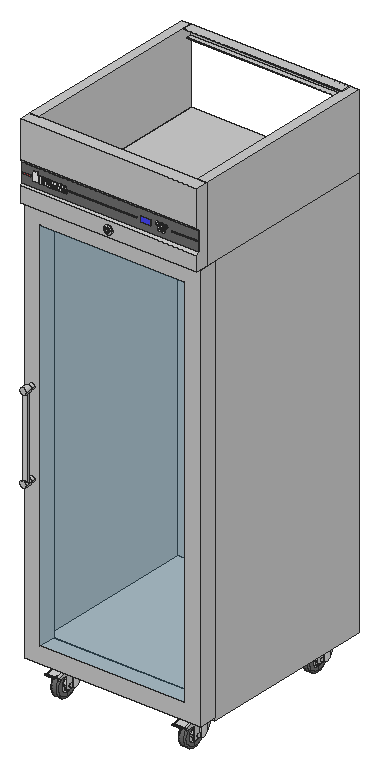
Revit family "QF_INOMAK_CAP172_GL_250530030709", category Specialty Equipment, Revit 2021
Family settings
  Round Connector Dimension = Use Diameter
  Part Type = Normal
  OmniClass Number = 23.40.40.14
  OmniClass Title = Food Service Equipment
  Work Plane-Based = No
  Always vertical = Yes
  Cut with Voids When Loaded = No
  Shared = No
  Room Calculation Point = No
Parameters (values of type "CAP172-GL")
  Weight [instance] = 141.00 kg
  Warranty Start Date [instance] = ""
  Warranty Duration [instance] = ""
  Volts [instance] = 230 V
  Volt Free Conn [instance] = no
  URL Recommended Spares List [instance] = ""
  URL Manufacturer [instance] = ""
  URL Cutsheet [instance] = ""
  URL Critical Spares List [instance] = ""
  URL = "www.inomak.com"
  Technical Documentation [instance] = ""
  Tag Number [instance] = ""
  Status [instance] = ""
  Start Up Current [instance] = 0 A
  Specification by User [instance] = ""
  Specification by Manufacturer [instance] = ""
  Sound Level [instance] = ""
  Show Logo [instance] = yes
  Show Clearances [instance] = yes
  Service Life Duration [instance] = ""
  Serial Number [instance] = ""
  Seismic Rating [instance] = ""
  SMACNA No [instance] = ""
  Revision Code [instance] = ""
  Revision [instance] = ""
  Production Year [instance] = ""
  Potential Equalisation [instance] = no
  Point Load [instance] = 0
  Phase [instance] = 1
  Other Equipment Approvals [instance] = ""
  Operational Current [instance] = 0 A
  Number of Poles [instance] = 2
  No Load Power Draw [instance] = no
  NAFEM Spec ID Number [instance] = ""
  Model Warning [instance] = ""
  Model = "CAP172/GL"
  Min Ckt Ampacity [instance] = 0 A
  Max Overcurrent Protection [instance] = 10 A
  Masterspec [instance] = ""
  Manufacturer = "INOMAK"
  Main switch integrated [instance] = no
  Length Actual [instance] = 720 mm
  Item Number [instance] = ""
  Installed By [instance] = ""
  Installation Date [instance] = ""
  Identify Quantity as Lot [instance] = no
  ID [instance] = ""
  Hygiene Approval [instance] = ""
  Height Actual [instance] = 2100 mm
  HP power [instance] = ""
  Furnished By [instance] = ""
  Foodservice Equipment Identifier [instance] = no
  FL Amps [instance] = 4.6 A
  Electrical Remarks [instance] = ""
  Electric power [instance] = 580 W
  Electric Connection Type [instance] = ""
  Elec Conn RI Height [instance] = 0 mm
  Elec Conn Connection Height [instance] = 0 mm
  ETL Approved [instance] = no
  Description = "PRUNUS CHILLER CABINET WITH 1 GN 2/1 GLASS DOOR"
  Depth Actual [instance] = 860 mm
  Default Elevation = 0 mm
  Cycle [instance] = 50 Hz
  Cost = 0
  Connection to energy optimisation system [instance] = yes
  Conn Plug [instance] = ""
  Conn Conduit [instance] = no
  Centralized building control system with digital interface [instance] = ""
  CSI MasterFormat [instance] = ""
  CE Approved [instance] = no
  Barcode [instance] = 0
  Author [instance] = ""
  Asset Identifier [instance] = ""
  Apparent Power [instance] = 580 VA
  Accessory [instance] = no
Reference planes
  plane 1 "Center (Front/Back)": y = 0
  plane 2: z = 0
  plane 3 "Center (Left/Right)": x = 0
Forms (mm)
  Extrusion 1, solid, not visible
    sketch origin (590.029, -2, 1930.094) x (1, 0, 0) y (0, 1, 0)
      loop
        line (-2, 2) -> (-2, -2) -> (2, -2) -> (2, 2) -> (-2, 2)
    from -2 to 2
Dimensions and locks
  locked: Extrusion 1 to nested 2
  locked: nested 2 to Extrusion 1 at 2
  aligned and locked: level to plane 2
Nested families
  nested 1: "QF_INOMAK_REF_CABINETS_172_2920" at (0, 0, 130), type "CAP172-GL"
    with Weight 141.00 kg, Warranty Start Date "", Warranty Duration "", URL Cutsheet "", Technical Documentation "", Tag Number "", Status "", Specification by User "", Specification by Manufacturer "", Sound Level "", Solid Fuel Type "", Show Clearances yes, Service Life Duration "", Serial Number "", Seismic Rating "", SMACNA No "", Revision Code "", Revision "", Production Year "", Point Load 0, Other Equipment Approvals "", NAFEM Spec ID Number "", Model Warning "", Masterspec "", Length Actual 720 mm, Item Number "", Installed By "", Installation Date "", Identify Quantity as Lot yes, ID "", Hygiene Approval "", Height Actual 2100 mm, Furnished By "", Foodservice Equipment Identifier yes, Finish none, ETL Approved yes, Depth Actual 860 mm, CSI MasterFormat "", CE Approved yes, Barcode "", Author "", Asset Identifier "", Accessory no
  nested 2: "CONN_POINT_ELE_2D___Generic_Annotation" at (590.029, 0, 1930.094), type "CONN_POINT_ELE_2D___Generic_Annotation"
    with Onboard connection annotation symbol visibility yes
  nested 3: "QF_INOMAK_C172-GDR-RX_4567" at (0, -824, 130), type "C172-GDR-RX"
    with Weight 0.00 kg, Warranty Start Date "", Warranty Duration "", URL Cutsheet "", Technical Documentation "", Tag Number "", Status "", Specification by User "", Specification by Manufacturer "", Sound Level "", Solid Fuel Type "", Show Logo yes, Show Clearances yes, Show Clearance yes, Service Life Duration "", Serial Number "", Seismic Rating "", SMACNA No "", Revision Code "", Revision "", Production Year "", Point Load 0, Other Equipment Approvals "", NAFEM Spec ID Number "", Model Warning "", Masterspec "", Length Actual 720 mm, Item Number "", Installed By "", Installation Date "", Identify Quantity as Lot yes, ID "", Hygiene Approval "", Height Actual 1982 mm, Furnished By "", Foodservice Equipment Identifier yes, Finish none, ETL Approved yes, Depth Actual 70 mm, CSI MasterFormat "", CE Approved yes, Barcode "", Author "", Asset Identifier "", Accessory yes
  nested 4: "QF_INOMAK_CASTORS_5465" at (0, 0, 0), type "CT-720-830"
    with Weight 0.00 kg, Warranty Start Date "", Warranty Duration "", URL Cutsheet "", Technical Documentation "", Tag Number "", Status "", Specification by User "", Specification by Manufacturer "", Sound Level "", Solid Fuel Type "", Show Logo yes, Show Clearances yes, Service Life Duration "", Serial Number "", Seismic Rating "", SMACNA No "", Revision Code "", Revision "", Production Year "", Point Load 0, Other Equipment Approvals "", NAFEM Spec ID Number "", Model Warning "", Masterspec "", Length Actual 720 mm, Item Number "", Installed By "", Installation Date "", Identify Quantity as Lot yes, ID "", Hygiene Approval "", Height Actual 130 mm, Furnished By "", Foodservice Equipment Identifier yes, ETL Approved yes, Depth Actual 830 mm, CSI MasterFormat "", CE Approved yes, Barcode "", Author "", Asset Identifier "", Accessory yes
Connectors
  electrical at (590.029, 0, 1930.094), driven by "Apparent Power", driven by "Number of Poles", driven by "Volts"
    settings: on Extrusion 1, index 1, voltage 230 V, apparent load 0 VA, apparent load phase1 580 VA, apparent load phase2 0 VA, apparent load phase3 0 VA, power factor 1, load classification "Other", number of poles 2, system type 31, power factor state 1, is connector primary yes, connector utility no, sub classification motor no, connector description "Electrical connection for CAP172/GL"
Definition of nested family "QF_INOMAK_REF_CABINETS_172_2920"
  Parameters (values of type "CAP172-GL")
    Weight [instance] = 0.00 kg
    Warranty Start Date [instance] = ""
    Warranty Duration [instance] = ""
    URL Cutsheet [instance] = ""
    URL = "www.inomak.com"
    Technical Documentation [instance] = ""
    Tag Number [instance] = ""
    Status [instance] = ""
    Specification by User [instance] = ""
    Specification by Manufacturer [instance] = ""
    Sound Level [instance] = ""
    Solid Fuel Type [instance] = ""
    Show Logo = yes
    Show Clearances [instance] = yes
    Service Life Duration [instance] = ""
    Serial Number [instance] = ""
    Seismic Rating [instance] = ""
    SMACNA No [instance] = ""
    Revision Code [instance] = ""
    Revision [instance] = ""
    Production Year [instance] = ""
    Point Load [instance] = 0
    Other Equipment Approvals [instance] = ""
    NAFEM Spec ID Number [instance] = ""
    Model Warning [instance] = ""
    Model = "CAP172/GL"
    Masterspec [instance] = ""
    Manufacturer = "INOMAK"
    Length Actual [instance] = 0 mm
    Length = 720 mm
    Item Number [instance] = ""
    Installed By [instance] = ""
    Installation Date [instance] = ""
    Identify Quantity as Lot [instance] = yes
    ID [instance] = ""
    Hygiene Approval [instance] = ""
    Height Actual [instance] = 0 mm
    Height = 1985 mm
    Furnished By [instance] = ""
    Foodservice Equipment Identifier [instance] = yes
    Finish [instance] = none
    ETL Approved [instance] = yes
    Description = "PRUNUS CHILLER CABINET WITH 1 GN 2/1 GLASS DOOR"
    Depth Actual [instance] = 0 mm
    Depth = 824 mm
    Default Elevation = 0 mm
    CSI MasterFormat [instance] = ""
    CE Approved [instance] = yes
    Barcode [instance] = ""
    Author [instance] = ""
    Asset Identifier [instance] = ""
    Assembly Code = "E1090320"
    Accessory [instance] = yes
  Types (8, lengths in mm): name | Model | Description | Depth
    CAP172 | "CAP172" | "CYPRESS CHILLER CABINET WITH 1 GN 2/1 DOOR" | 832
    CAP172-GL | "CAP172/GL" | "PRUNUS CHILLER CABINET WITH 1 GN 2/1 GLASS DOOR" | 824
    CBP172-GL | "CBP172/GL" | "PRUNUS FREEZER CABINET WITH 1 GN 2/1 GLASS DOOR" | 824
    CBP172 | "CBP172" | "CASTANEA FREEZER CABINET WITH 1 GN 2/1 DOOR" | 832
    CAP172-SL | "CAP172/SL" | "CLOVER CHILLER CABINET WITH 1 DOOR, COMPACT DIMENSIONS" | 732
    CBP172-SL | "CBP172/SL" | "CLOVER FREEZER CABINET WITH 1 DOOR, COMPACT DIMENSIONS" | 732
    CAP172-SL-GL | "CAP172/SL/GL" | "PRUNUS CHILLER CABINET WITH 1 GLASS DOOR, COMPACT DIMENSIONS" | 724
    CBP172-SL-GL | "CBP172/SL/GL" | "PRUNUS FREEZER CABINET WITH 1 GLASS DOOR, COMPACT DIMENSIONS" | 724
  Reference planes
    plane 1 "Back": y = 0
    plane 2: z = 0
    plane 3 "Left": x = 0
    plane 4 "Right": x = 720
    plane 5 "Front": y = -824
    plane 6 "Top": z = 1985
  Forms (mm)
    Extrusion 1, solid
      sketch origin (-1732.685, -824, 3995) x (-1, 0, 0) y (0, 0, 1)
        loop
          circle (-2284.815, -2199.02) r 6.965
        loop
          circle (-2301.846, -2199.02) r 6.965
        loop
          circle (-2318.855, -2199.02) r 6.965
        loop
          circle (-2293.341, -2217.021) r 6.965
        loop
          circle (-2310.35, -2217.021) r 6.965
        loop
          circle (-2284.815, -2199.02) r 3.965
        loop
          circle (-2301.846, -2199.02) r 3.965
        loop
          circle (-2318.855, -2199.02) r 3.965
        loop
          circle (-2293.341, -2217.021) r 3.965
        loop
          circle (-2310.35, -2217.021) r 3.965
      from 7.3 to 10.302
    Extrusion 2, solid
      sketch origin (-1732.685, -824, 3995) x (-1, 0, 0) y (0, 0, 1)
        loop
          line (-2257.026, -2195.289) -> (-2257.026, -2218.289) -> (-2217.026, -2218.289) -> (-2217.026, -2195.289) -> (-2257.026, -2195.289)
      from 7.3 to 10.302
    Extrusion 3, solid
      sketch origin (-1732.685, -824, 3995) x (-1, 0, 0) y (0, 0, 1)
        loop
          line (-1732.685, -2167.27) -> (-2452.685, -2167.27) -> (-2452.685, -2246.309) -> (-1732.685, -2246.309) -> (-1732.685, -2167.27)
      from 7.8 to 10.302
    Extrusion 4, solid, visible <- "Show Logo"
      sketch origin (-1732.685, -824, 3995) x (-1, 0, 0) y (0, 0, 1)
        loop
          line (-1776.745, -2194.74) -> (-1782.745, -2194.74) -> (-1782.745, -2183.633) -> (-1796.982, -2183.633) -> (-1796.982, -2194.74) -> (-1802.982, -2194.74) -> (-1802.982, -2220.99) -> (-1776.745, -2220.99) -> (-1776.745, -2194.74)
        loop
          line (-1807.298, -2195.052) -> (-1814.587, -2195.052) -> (-1814.587, -2220.99) -> (-1807.298, -2220.99) -> (-1807.298, -2195.052)
        loop
          line (-1817.107, -2220.99) -> (-1817.107, -2195.052) -> (-1823.94, -2195.052) -> (-1827.134, -2206.971) -> (-1827.134, -2195.052) -> (-1833.666, -2195.052) -> (-1833.666, -2220.99) -> (-1827.134, -2220.99) -> (-1823.42, -2207.127) -> (-1823.42, -2220.99) -> (-1817.107, -2220.99)
        loop
          line (-1854.348, -2220.99) -> (-1854.348, -2195.052) -> (-1863.311, -2195.052) -> (-1865.673, -2209.062) -> (-1868.035, -2195.052) -> (-1876.997, -2195.052) -> (-1876.997, -2220.99) -> (-1870.372, -2220.99) -> (-1870.372, -2207.127) -> (-1868.035, -2220.99) -> (-1863.311, -2220.99) -> (-1860.973, -2207.127) -> (-1860.973, -2220.99) -> (-1854.348, -2220.99)
        loop
          line (-1839.536, -2195.052) -> (-1848.861, -2195.052)
          arc (-1848.861, -2195.052) -> (-1851.458, -2196.128) -> (-1852.533, -2198.724) r 3.672
          line (-1852.533, -2198.724) -> (-1852.533, -2217.318)
          arc (-1852.533, -2217.318) -> (-1851.458, -2219.914) -> (-1848.861, -2220.99) r 3.672
          line (-1848.861, -2220.99) -> (-1839.536, -2220.99)
          arc (-1839.536, -2220.99) -> (-1836.939, -2219.914) -> (-1835.864, -2217.318) r 3.672
          line (-1835.864, -2217.318) -> (-1835.864, -2198.724)
          arc (-1835.864, -2198.724) -> (-1836.939, -2196.128) -> (-1839.536, -2195.052) r 3.672
        loop
          arc (-1843.172, -2198.208) -> (-1844.198, -2197.181) -> (-1845.225, -2198.208) r 1.027
          line (-1845.225, -2198.208) -> (-1845.225, -2216.801)
          arc (-1845.225, -2216.801) -> (-1844.198, -2217.828) -> (-1843.172, -2216.801) r 1.027
          line (-1843.172, -2216.801) -> (-1843.172, -2198.208)
        loop
          line (-1878.066, -2220.99) -> (-1882.439, -2195.052) -> (-1891.3, -2195.052) -> (-1895.673, -2220.99) -> (-1889.146, -2220.99) -> (-1888.536, -2216.027) -> (-1885.203, -2216.027) -> (-1884.593, -2220.99) -> (-1878.066, -2220.99)
        loop
          line (-1885.759, -2211.498) -> (-1886.87, -2202.452) -> (-1887.98, -2211.498) -> (-1885.759, -2211.498)
        loop
          line (-1896.638, -2220.99) -> (-1896.638, -2195.052) -> (-1903.263, -2195.052) -> (-1903.263, -2204.165) -> (-1906.049, -2195.052) -> (-1913.487, -2195.052) -> (-1909.159, -2206.329) -> (-1914.207, -2220.99) -> (-1906.623, -2220.99) -> (-1903.263, -2208.45) -> (-1903.263, -2220.99) -> (-1896.638, -2220.99)
      from 7.3 to 10.3
    Extrusion 5, solid
      sketch origin (-1732.685, -824, 3995) x (-1, 0, 0) y (0, 0, 1)
        loop
          line (-1732.685, -2204.789) -> (-1769.679, -2204.789) -> (-1769.679, -2208.789) -> (-1732.685, -2208.789) -> (-1732.685, -2204.789)
        loop
          line (-1918.161, -2204.789) -> (-2202.526, -2204.789) -> (-2202.526, -2208.789) -> (-1918.161, -2208.789) -> (-1918.161, -2204.789)
        loop
          line (-2452.685, -2204.789) -> (-2452.685, -2208.789) -> (-2344.916, -2208.789) -> (-2344.916, -2204.789) -> (-2452.685, -2204.789)
      from 7.3 to 10.302
    Extrusion 6, solid, material <- "Finish"
      sketch origin (0, 24.612, -1982) x (0, 1, 0) y (0, 0, 1)
        loop
          line (-848.612, 3967) -> (-848.612, 3818.032) -> (-840.31, 3809.73) -> (-840.31, 3730.691) -> (-848.612, 3722.389) -> (-848.612, 3662) -> (-798.612, 3662) -> (-798.612, 3967) -> (-848.612, 3967)
      from 0 to 720
    Extrusion 7, solid, material <- "Finish"
      sketch origin (0, 0, 1985) x (0, 1, 0) y (-1, 0, 0)
        loop
          line (-774, 0) -> (-774, -35) -> (0, -35) -> (0, 0) -> (-774, 0)
      from 0 to -305
    Extrusion 8, solid, material <- "Finish"
      sketch origin (0, 0, 1985) x (0, 1, 0) y (-1, 0, 0)
        loop
          line (-774, -720) -> (0, -720) -> (0, -685) -> (-774, -685) -> (-774, -720)
      from 0 to -305
    Extrusion 9, solid, material <- "Finish"
      sketch origin (0, 24.612, -1987) x (0, 1, 0) y (0, 0, 1)
        loop
          line (-798.612, 3863.915) -> (-798.612, 3667) -> (-678.934, 3667) -> (-678.934, 3744.237) -> (-798.612, 3863.915)
      from 35 to 685
    Extrusion 10, solid, material <- "Finish"
      sketch origin (0, 24.612, -123) x (0, 1, 0) y (0, 0, 1)
        loop
          line (-675.378, 1910.946) -> (-690.935, 1926.502) -> (-709.143, 1908.294) -> (-707.729, 1906.88) -> (-690.935, 1923.674) -> (-676.793, 1909.532) -> (-675.378, 1910.946)
      from 114.953 to 225
    Extrusion 11, solid, material <- "Finish"
      sketch origin (394.212, 24.612, -123) x (0, 1, 0) y (0, 0, 1)
        loop
          line (-675.378, 1910.946) -> (-690.935, 1926.502) -> (-709.143, 1908.294) -> (-707.729, 1906.88) -> (-690.935, 1923.674) -> (-676.793, 1909.532) -> (-675.378, 1910.946)
      from 114.953 to 225
    Extrusion 12, solid, material <- "Finish"
      sketch origin (0, 30.903, -1982) x (0, 1, 0) y (0, 0, 1)
        loop
          line (-30.903, 3967) -> (-70.903, 3967) -> (-70.903, 3965) -> (-32.903, 3965) -> (-32.903, 3929) -> (-55.903, 3929) -> (-55.903, 3927) -> (-30.903, 3927) -> (-30.903, 3967)
      from 35 to 685
    Extrusion 13, solid, material <- "Finish"
      sketch origin (0, 30.903, -118) x (0, 1, 0) y (0, 0, 1)
        loop
          line (-30.903, 1798) -> (-764.903, 1798) -> (-764.903, 1733) -> (-100.876, 1733) -> (-100.876, 191) -> (-764.903, 191) -> (-764.903, 118) -> (-30.903, 118) -> (-30.903, 1798)
      from 35 to 685
    Extrusion 14, solid, material <- "Finish"
      sketch origin (0, 0, 0) x (1, 0, 0) y (0, 1, 0)
        loop
          line (0, -734) -> (35, -734) -> (35, 0) -> (0, 0) -> (0, -734)
      from 0 to 1680
    Extrusion 15, solid, material <- "Finish"
      sketch origin (0, 0, 0) x (1, 0, 0) y (0, 1, 0)
        loop
          line (720, -734) -> (720, 0) -> (685, 0) -> (685, -734) -> (720, -734)
      from 0 to 1680
    Revolve 16, solid
      sketch origin (358.942, 24.612, -1987) x (0, 1, 0) y (0, 0, 1)
        loop
          line (-851.012, 3694.152) -> (-848.612, 3694.152) -> (-848.612, 3711.145) -> (-849.612, 3711.145) -> (-853.012, 3706.633) -> (-853.012, 3702.998) -> (-851.012, 3702.998) -> (-851.012, 3694.152)
        axis (-848.612, 3694.152) -> (-853.012, 3694.152)
      angle from 0 to 360
    Extrusion 17, solid
      sketch origin (-1732.685, -824, 3995) x (-1, 0, 0) y (0, 0, 1)
        loop
          line (-2090.827, -2284.348) -> (-2092.827, -2284.348) -> (-2092.827, -2291.348) -> (-2090.827, -2291.348) -> (-2090.827, -2284.348)
        loop
          circle (-2091.627, -2287.848) r 7.846
      from -4.4 to -2.4
    Extrusion 18, solid, material <- "Finish"
      sketch origin (0, 30.903, -118) x (1, 0, 0) y (0, 1, 0)
        loop
          line (187, 5.097) -> (187, -29.903) -> (175, -29.903) -> (175, -30.903) -> (545, -30.903) -> (545, -29.903) -> (533, -29.903) -> (533, 5.097) -> (187, 5.097)
      from 1156 to 1531
    Extrusion 19, solid, material <- "Finish"
      sketch origin (100, 30.903, -118) x (1, 0, 0) y (0, 1, 0)
        loop
          line (339, 0.097) -> (339, -29.903) -> (325, -29.903) -> (325, -30.903) -> (340, -30.903) -> (340, -0.903) -> (393, -0.903) -> (393, -30.903) -> (408, -30.903) -> (408, -29.903) -> (394, -29.903) -> (394, 0.097) -> (339, 0.097)
      from 1531 to 1793
  Lines and regions (mm)
    symbolic lines
      curve 1: line (0, 0, 0) -> (720, 0, 0)
      curve 2: line (0, -824, 0) -> (0, 0, 0)
      curve 3: line (720, -824, 0) -> (0, -824, 0)
      curve 4: line (720, 0, 0) -> (720, -824, 0)
      curve 5: line (187, 1, 0) -> (187, 36, 0)
      curve 6: line (187, 36, 0) -> (533, 36, 0)
      curve 7: line (533, 36, 0) -> (533, 1, 0)
      curve 8: line (35, 0, 0) -> (35, -774, 0)
      curve 9: line (35, -774, 0) -> (685, -774, 0)
      curve 10: line (685, -774, 0) -> (685, 0, 0)
      curve 11: line (35, -40, 0) -> (685, -40, 0)
      curve 12: line (35, -654.322, 0) -> (685, -654.322, 0)
      curve 13: line (187, 1, 0) -> (175, 1, 0)
      curve 14: line (175, 1, 0) -> (175, 0, 0)
      curve 15: line (533, 1, 0) -> (545, 1, 0)
      curve 16: line (545, 1, 0) -> (545, 0, 0)
      curve 17: line (425, 0, 0) -> (425, 1, 0)
      curve 18: line (425, 1, 0) -> (439, 1, 0)
      curve 19: line (439, 1, 0) -> (439, 31, 0)
      curve 20: line (439, 31, 0) -> (494, 31, 0)
      curve 21: line (494, 31, 0) -> (494, 1, 0)
      curve 22: line (494, 1, 0) -> (508, 1, 0)
      curve 23: line (508, 1, 0) -> (508, 0, 0)
  Dimensions and locks
    plane 3 "Left" to plane 4 "Right" = 720 mm
    "Depth": plane 5 "Front" to plane 1 "Back"
    "Height": plane 6 "Top" to level
    plane 6 "Top" to level = 1985 mm
    aligned and locked: level to plane 2
  Automatic sketch dimensions
    Extrusion 1 sketch curve to Extrusion 1 sketch curve = 0 mm  (x13)
    plane 4 "Right" to Extrusion 1 sketch curve = 133.83 mm
    Extrusion 1 sketch curve to Extrusion 1 sketch curve = 8.505 mm
    Extrusion 1 sketch curve to Extrusion 1 sketch curve = 17.009 mm  (x2)
    Extrusion 1 sketch curve to Extrusion 1 sketch curve = 17.03 mm
    Extrusion 1 sketch curve to plane 6 "Top" = 207.021 mm
    Extrusion 1 sketch curve to Extrusion 1 sketch curve = 18.001 mm
    plane 4 "Right" to Extrusion 2 sketch curve = 195.659 mm
    Extrusion 2 sketch curve to Extrusion 2 sketch curve = 40 mm
    Extrusion 2 sketch curve to plane 6 "Top" = 208.289 mm
    Extrusion 2 sketch curve to Extrusion 2 sketch curve = 23 mm
    plane 4 "Right" to Extrusion 3 sketch curve = 0 mm
    Extrusion 3 sketch curve to plane 3 "Left" = 0 mm
    Extrusion 3 sketch curve to plane 6 "Top" = 236.309 mm
    Extrusion 3 sketch curve to Extrusion 3 sketch curve = 79.039 mm
    plane 3 "Left" to Extrusion 4 sketch curve = 181.522 mm
    Extrusion 4 sketch curve to Extrusion 4 sketch curve = 0.72 mm
    Extrusion 4 sketch curve to Extrusion 4 sketch curve = 4.329 mm
    Extrusion 4 sketch curve to Extrusion 4 sketch curve = 7.584 mm
    Extrusion 4 sketch curve to Extrusion 4 sketch curve = 7.438 mm
    Extrusion 4 sketch curve to Extrusion 4 sketch curve = 5.895 mm
    Extrusion 4 sketch curve to Extrusion 4 sketch curve = 0 mm  (x16)
    Extrusion 4 sketch curve to Extrusion 4 sketch curve = 6.625 mm  (x2)
    Extrusion 4 sketch curve to Extrusion 4 sketch curve = 0.965 mm
    Extrusion 4 sketch curve to Extrusion 4 sketch curve = 5.338 mm
    Extrusion 4 sketch curve to Extrusion 4 sketch curve = 6.527 mm  (x2)
    Extrusion 4 sketch curve to Extrusion 4 sketch curve = 0.609 mm
    Extrusion 4 sketch curve to Extrusion 4 sketch curve = 0.556 mm
    Extrusion 4 sketch curve to Extrusion 4 sketch curve = 4.43 mm  (x2)
    Extrusion 4 sketch curve to Extrusion 4 sketch curve = 2.222 mm
    Extrusion 4 sketch curve to Extrusion 4 sketch curve = 3.334 mm
    Extrusion 4 sketch curve to Extrusion 4 sketch curve = 4.552 mm
    Extrusion 4 sketch curve to Extrusion 4 sketch curve = 1.069 mm
    Extrusion 4 sketch curve to Extrusion 4 sketch curve = 8.962 mm  (x2)
    Extrusion 4 sketch curve to Extrusion 4 sketch curve = 2.337 mm
    Extrusion 4 sketch curve to Extrusion 4 sketch curve = 4.699 mm  (x2)
    Extrusion 4 sketch curve to Extrusion 4 sketch curve = 4.724 mm  (x2)
    Extrusion 4 sketch curve to Extrusion 4 sketch curve = 1.815 mm
    Extrusion 4 sketch curve to Extrusion 4 sketch curve = 3.672 mm  (x6)
    Extrusion 4 sketch curve to Extrusion 4 sketch curve = 3.636 mm  (x3)
    Extrusion 4 sketch curve to Extrusion 4 sketch curve = 1.027 mm
    Extrusion 4 sketch curve to Extrusion 4 sketch curve = 2.197 mm
    Extrusion 4 sketch curve to Extrusion 4 sketch curve = 6.532 mm  (x2)
    Extrusion 4 sketch curve to Extrusion 4 sketch curve = 3.194 mm
    Extrusion 4 sketch curve to Extrusion 4 sketch curve = 3.714 mm
    Extrusion 4 sketch curve to Extrusion 4 sketch curve = 6.312 mm
    Extrusion 4 sketch curve to Extrusion 4 sketch curve = 2.52 mm
    Extrusion 4 sketch curve to Extrusion 4 sketch curve = 7.29 mm
    Extrusion 4 sketch curve to Extrusion 4 sketch curve = 4.315 mm
    Extrusion 4 sketch curve to Extrusion 4 sketch curve = 6 mm
    Extrusion 4 sketch curve to Extrusion 4 sketch curve = 14.237 mm
    Extrusion 4 sketch curve to Extrusion 4 sketch curve = 26.237 mm
    Extrusion 4 sketch curve to plane 6 "Top" = 210.99 mm
    Extrusion 4 sketch curve to Extrusion 4 sketch curve = 0.516 mm  (x2)
    Extrusion 4 sketch curve to Extrusion 4 sketch curve = 4.963 mm
    Extrusion 4 sketch curve to Extrusion 4 sketch curve = 4.529 mm
    Extrusion 4 sketch curve to Extrusion 4 sketch curve = 11.927 mm
    Extrusion 4 sketch curve to Extrusion 4 sketch curve = 12.539 mm
    Extrusion 4 sketch curve to Extrusion 4 sketch curve = 1.935 mm  (x2)
    Extrusion 4 sketch curve to Extrusion 4 sketch curve = 13.862 mm
    Extrusion 4 sketch curve to Extrusion 4 sketch curve = 0.157 mm
    Extrusion 4 sketch curve to Extrusion 4 sketch curve = 2.122 mm
    Extrusion 4 sketch curve to Extrusion 4 sketch curve = 4.285 mm
    Extrusion 4 sketch curve to Extrusion 4 sketch curve = 9.047 mm
    Extrusion 4 sketch curve to Extrusion 4 sketch curve = 8.403 mm
    Extrusion 4 sketch curve to Extrusion 4 sketch curve = 12.075 mm
    Extrusion 4 sketch curve to Extrusion 4 sketch curve = 26.25 mm
    Extrusion 4 sketch curve to Extrusion 4 sketch curve = 0.312 mm
    Extrusion 4 sketch curve to Extrusion 4 sketch curve = 11.107 mm
    plane 4 "Right" to Extrusion 5 sketch curve = 0 mm
    Extrusion 5 sketch curve to plane 3 "Left" = 0 mm
    plane 4 "Right" to Extrusion 5 sketch curve = 107.768 mm
    Extrusion 5 sketch curve to Extrusion 5 sketch curve = 142.39 mm
    plane 3 "Left" to Extrusion 5 sketch curve = 185.476 mm
    plane 3 "Left" to Extrusion 5 sketch curve = 36.995 mm
    Extrusion 5 sketch curve to plane 6 "Top" = 198.789 mm
    Extrusion 5 sketch curve to Extrusion 5 sketch curve = 0 mm  (x2)
    Extrusion 5 sketch curve to Extrusion 5 sketch curve = 4 mm  (x3)
    Extrusion 6 sketch curve to plane 5 "Front" = 0 mm  (x2)
    Extrusion 6 sketch curve to plane 6 "Top" = 0 mm
    plane 5 "Front" to Extrusion 6 sketch curve = 8.302 mm
    Extrusion 6 sketch curve to Extrusion 6 sketch curve = 50 mm
    Extrusion 6 sketch curve to plane 6 "Top" = 148.968 mm
    Extrusion 6 sketch curve to Extrusion 6 sketch curve = 8.302 mm  (x2)
    Extrusion 6 sketch curve to Extrusion 6 sketch curve = 79.039 mm
    Extrusion 6 sketch curve to Extrusion 6 sketch curve = 60.389 mm
    Extrusion 7 sketch curve to plane 3 "Left" = 0 mm
    plane 1 "Back" to Extrusion 7 sketch curve = 0 mm
    plane 5 "Front" to Extrusion 7 sketch curve = 50 mm
    plane 3 "Left" to Extrusion 7 sketch curve = 35 mm
    Extrusion 8 sketch curve to plane 4 "Right" = 0 mm
    plane 1 "Back" to Extrusion 8 sketch curve = 0 mm
    plane 5 "Front" to Extrusion 8 sketch curve = 50 mm
    plane 4 "Right" to Extrusion 8 sketch curve = 35 mm
    plane 5 "Front" to Extrusion 9 sketch curve = 50 mm
    Extrusion 9 sketch curve to Extrusion 9 sketch curve = 119.678 mm
    Extrusion 9 sketch curve to plane 6 "Top" = 305 mm
    Extrusion 9 sketch curve to Extrusion 9 sketch curve = 77.237 mm
    Extrusion 9 sketch curve to plane 6 "Top" = 108.085 mm
    plane 5 "Front" to Extrusion 10 sketch curve = 139.47 mm
    Extrusion 10 sketch curve to Extrusion 10 sketch curve = 1.414 mm  (x2)
    Extrusion 10 sketch curve to Extrusion 10 sketch curve = 16.794 mm
    Extrusion 10 sketch curve to Extrusion 10 sketch curve = 0 mm
    Extrusion 10 sketch curve to Extrusion 10 sketch curve = 14.142 mm
    Extrusion 10 sketch curve to plane 6 "Top" = 201.12 mm
    plane 5 "Front" to Extrusion 11 sketch curve = 139.47 mm
    Extrusion 11 sketch curve to Extrusion 11 sketch curve = 1.414 mm  (x2)
    Extrusion 11 sketch curve to Extrusion 11 sketch curve = 16.794 mm
    Extrusion 11 sketch curve to Extrusion 11 sketch curve = 0 mm
    Extrusion 11 sketch curve to Extrusion 11 sketch curve = 14.142 mm
    Extrusion 11 sketch curve to plane 6 "Top" = 201.12 mm
    Extrusion 12 sketch curve to plane 6 "Top" = 0 mm
    Extrusion 12 sketch curve to plane 1 "Back" = 0 mm
    plane 1 "Back" to Extrusion 12 sketch curve = 2 mm
    Extrusion 12 sketch curve to Extrusion 12 sketch curve = 23 mm
    Extrusion 12 sketch curve to Extrusion 12 sketch curve = 38 mm
    Extrusion 12 sketch curve to plane 6 "Top" = 2 mm
    Extrusion 12 sketch curve to Extrusion 12 sketch curve = 36 mm
    Extrusion 12 sketch curve to Extrusion 12 sketch curve = 2 mm
    Extrusion 13 sketch curve to level = 0 mm
    Extrusion 13 sketch curve to plane 1 "Back" = 0 mm
    plane 1 "Back" to Extrusion 13 sketch curve = 69.973 mm
    plane 5 "Front" to Extrusion 13 sketch curve = 90 mm  (x2)
    level to Extrusion 13 sketch curve = 73 mm
    Extrusion 13 sketch curve to plane 6 "Top" = 370 mm
    Extrusion 13 sketch curve to Extrusion 13 sketch curve = 65 mm
    plane 1 "Back" to Extrusion 14 sketch curve = 0 mm
    Extrusion 14 sketch curve to plane 3 "Left" = 0 mm
    plane 3 "Left" to Extrusion 14 sketch curve = 35 mm
    plane 5 "Front" to Extrusion 14 sketch curve = 90 mm
    plane 1 "Back" to Extrusion 15 sketch curve = 0 mm
    Extrusion 15 sketch curve to plane 4 "Right" = 0 mm
    Extrusion 15 sketch curve to Extrusion 15 sketch curve = 35 mm
    plane 5 "Front" to Extrusion 15 sketch curve = 90 mm
    Revolve 16 sketch curve to plane 5 "Front" = 0 mm
    Revolve 16 sketch curve to plane 5 "Front" = 1 mm
    Revolve 16 sketch curve to plane 5 "Front" = 2.4 mm
    Revolve 16 sketch curve to Revolve 16 sketch curve = 2 mm
    Revolve 16 sketch curve to plane 6 "Top" = 277.848 mm
    Revolve 16 sketch curve to Revolve 16 sketch curve = 8.846 mm
    Revolve 16 sketch curve to Revolve 16 sketch curve = 3.635 mm
    Revolve 16 sketch curve to Revolve 16 sketch curve = 4.512 mm
    Revolve 16 sketch curve to Revolve 16 sketch curve = 0 mm  (x2)
    Revolve 16 sketch curve to Revolve 16 sketch curve = 4.096 mm
    plane 4 "Right" to Extrusion 17 sketch curve = 359.858 mm
    Extrusion 17 sketch curve to Extrusion 17 sketch curve = 1.2 mm
    Extrusion 17 sketch curve to Extrusion 17 sketch curve = 2 mm
    Extrusion 17 sketch curve to plane 6 "Top" = 281.348 mm
    Extrusion 17 sketch curve to Extrusion 17 sketch curve = 3.5 mm  (x2)
    plane 1 "Back" to Extrusion 18 sketch curve = 0 mm
    Extrusion 18 sketch curve to plane 1 "Back" = 1 mm  (x2)
    plane 3 "Left" to Extrusion 18 sketch curve = 175 mm
    Extrusion 18 sketch curve to Extrusion 18 sketch curve = 12 mm  (x2)
    Extrusion 18 sketch curve to plane 1 "Back" = 36 mm
    plane 4 "Right" to Extrusion 18 sketch curve = 187 mm
    plane 1 "Back" to Extrusion 19 sketch curve = 0 mm  (x2)
    Extrusion 19 sketch curve to plane 1 "Back" = 1 mm  (x2)
    plane 3 "Left" to Extrusion 19 sketch curve = 425 mm
    Extrusion 19 sketch curve to Extrusion 19 sketch curve = 14 mm  (x2)
    Extrusion 19 sketch curve to plane 1 "Back" = 31 mm
    plane 4 "Right" to Extrusion 19 sketch curve = 226 mm
    Extrusion 19 sketch curve to Extrusion 19 sketch curve = 1 mm  (x3)
    curve 3 to plane 3 "Left" = 0 mm
    plane 1 "Back" to curve 8 = 0 mm
    curve 3 to plane 4 "Right" = 0 mm
    curve 4 to plane 5 "Front" = 0 mm
    plane 3 "Left" to curve 9 = 35 mm
    curve 14 to plane 1 "Back" = 1 mm
    curve 8 to curve 14 = 140 mm
    curve 13 to curve 13 = 12 mm
    curve 17 to plane 1 "Back" = 1 mm
    curve 5 to curve 17 = 238 mm
    curve 17 to curve 19 = 14 mm
    curve 19 to curve 21 = 55 mm
    curve 20 to curve 7 = 39 mm
    curve 15 to plane 1 "Back" = 1 mm
    curve 7 to curve 15 = 12 mm
    plane 4 "Right" to curve 9 = 35 mm
    plane 5 "Front" to curve 9 = 50 mm
    curve 22 to plane 1 "Back" = 1 mm
    curve 18 to curve 20 = 30 mm
    curve 7 to curve 6 = 35 mm
    curve 21 to curve 22 = 14 mm
    curve 9 to curve 12 = 119.678 mm
    plane 1 "Back" to curve 11 = 40 mm
    radius of Extrusion 1 sketch curve = 6.965 mm  (x5)
    radius of Extrusion 1 sketch curve = 3.965 mm  (x5)
    radius of Extrusion 17 sketch curve = 7.846 mm
Definition of nested family "QF_INOMAK_C172-GDR-RX_4567"
  Parameters (values of type "C172-GDR-RX")
    Weight [instance] = 0.00 kg
    Warranty Start Date [instance] = ""
    Warranty Duration [instance] = ""
    URL Cutsheet [instance] = ""
    URL = "www.inomak.com"
    Technical Documentation [instance] = ""
    Tag Number [instance] = ""
    Status [instance] = ""
    Specification by User [instance] = ""
    Specification by Manufacturer [instance] = ""
    Sound Level [instance] = ""
    Solid Fuel Type [instance] = ""
    Show Logo [instance] = yes
    Show Clearances [instance] = yes
    Show Clearance [instance] = yes
    Service Life Duration [instance] = ""
    Serial Number [instance] = ""
    Seismic Rating [instance] = ""
    SMACNA No [instance] = ""
    Revision Code [instance] = ""
    Revision [instance] = ""
    Production Year [instance] = ""
    Point Load [instance] = 0
    Other Equipment Approvals [instance] = ""
    NAFEM Spec ID Number [instance] = ""
    Model Warning [instance] = ""
    Model = "C172-GDR-RX"
    Masterspec [instance] = ""
    Manufacturer = "INOMAK"
    Length Actual [instance] = 0 mm
    Item Number [instance] = ""
    Installed By [instance] = ""
    Installation Date [instance] = ""
    Identify Quantity as Lot [instance] = yes
    ID [instance] = ""
    Hygiene Approval [instance] = ""
    Height Actual [instance] = 0 mm
    Furnished By [instance] = ""
    Foodservice Equipment Identifier [instance] = yes
    Finish [instance] = none
    ETL Approved [instance] = yes
    Description = "RIGHT HINGED GLASS DOOR"
    Depth Actual [instance] = 0 mm
    Default Elevation = 0 mm
    CSI MasterFormat [instance] = ""
    CE Approved [instance] = yes
    Barcode [instance] = ""
    Author [instance] = ""
    Asset Identifier [instance] = ""
    Assembly Code = "E1090320"
    Accessory [instance] = yes
  Reference planes
    plane 1 "Back": y = 0
    plane 2: z = 0
    plane 3 "Left": x = 0
    plane 4 "Right": x = 720
    plane 5 "Front": y = 90
    plane 6 "Top": z = 1682
  Forms (mm)
    Extrusion 1, solid, visible <- "Show Clearance", detail levels coarse
      sketch origin (-154.804, 650, -18) x (1, 0, 0) y (0, 1, 0)
        loop
          line (874.804, -1300) -> (874.804, -630) -> (154.804, -630)
          arc (154.804, -630) -> (341.042, -1099.619) -> (804.804, -1300) r 660.076
          line (804.804, -1300) -> (874.804, -1300)
      from 28 to 1695
    Extrusion 2, solid, material <- "Finish"
      sketch origin (0, 90, 0) x (-1, 0, 0) y (0, 0, 1)
        loop
          line (0, 1677) -> (-720, 1677) -> (-720, 10) -> (0, 10) -> (0, 1677)
        loop
          line (-64, 1613) -> (-656, 1613) -> (-656, 74) -> (-64, 74) -> (-64, 1613)
      from -70 to 0
    Extrusion 3, solid
      sketch origin (0, 90, 0) x (-1, 0, 0) y (0, 0, 1)
        loop
          circle (-32, 1013) r 13
      from -115 to -90
    Extrusion 4, solid
      sketch origin (0, 115, 0) x (-1, 0, 0) y (0, 0, 1)
        loop
          circle (-32, 1013) r 10
      from -115 to -95
    Extrusion 5, solid
      sketch origin (0, 90, 1687) x (-1, 0, 0) y (0, 0, 1)
        loop
          circle (-32, -1013) r 13
      from -115 to -90
    Extrusion 6, solid
      sketch origin (0, 115, 1687) x (-1, 0, 0) y (0, 0, 1)
        loop
          circle (-32, -1013) r 10
      from -115 to -95
    Extrusion 7, solid
      sketch origin (0, 0, 0) x (1, 0, 0) y (0, 1, 0)
        loop
          circle (32, -12.5) r 10
      from 673.205 to 1013.123
    Extrusion 8, solid
      sketch origin (0, 95, 0) x (-1, 0, 0) y (0, 0, 1)
        loop
          line (-64, 1613) -> (-656, 1613) -> (-656, 74) -> (-64, 74) -> (-64, 1613)
      from -75 to -5
  Lines and regions (mm)
    symbolic lines, visible <- "Show Clearance"
      curve 1: line (650, -650, 0) -> (720, -650, 0)
      curve 2: line (720, -650, 0) -> (720, 0, 0)
      curve 3: arc (0, 0, 0) -> (193.256, -456.744, 0) -> (650, -650, 0) r 660.076
  Dimensions and locks
    plane 3 "Left" to plane 4 "Right" = 720 mm
    plane 1 "Back" to plane 5 "Front" = 90 mm
    plane 6 "Top" to plane 2 = 1682 mm
    aligned and locked: level to plane 2
Definition of nested family "QF_INOMAK_CASTORS_5465"
  Parameters (values of type "CT-1105-600")
    Weight [instance] = 0.00 kg
    Warranty Start Date [instance] = ""
    Warranty Duration [instance] = ""
    URL Cutsheet [instance] = ""
    URL = "www.inomak.com"
    Technical Documentation [instance] = ""
    Tag Number [instance] = ""
    Status [instance] = ""
    Specification by User [instance] = ""
    Specification by Manufacturer [instance] = ""
    Sound Level [instance] = ""
    Solid Fuel Type [instance] = ""
    Show Logo [instance] = yes
    Show Clearances [instance] = yes
    Service Life Duration [instance] = ""
    Serial Number [instance] = ""
    Seismic Rating [instance] = ""
    SMACNA No [instance] = ""
    Right offset = 300 mm
    Revision Code [instance] = ""
    Revision [instance] = ""
    Rear offset = 60 mm
    Production Year [instance] = ""
    Point Load [instance] = 0
    Other Equipment Approvals [instance] = ""
    NAFEM Spec ID Number [instance] = ""
    Model Warning [instance] = ""
    Model = "CT"
    Masterspec [instance] = ""
    Manufacturer = "INOMAK"
    Length Actual [instance] = 0 mm
    Length = 1103 mm
    Left offset = 60 mm
    Item Number [instance] = ""
    Installed By [instance] = ""
    Installation Date [instance] = ""
    Identify Quantity as Lot [instance] = yes
    ID [instance] = ""
    Hygiene Approval [instance] = ""
    Height Actual [instance] = 0 mm
    Height = 130 mm
    Furnished By [instance] = ""
    Front offset = 150 mm
    Foodservice Equipment Identifier [instance] = yes
    ETL Approved [instance] = yes
    Description = "WHEELS"
    Depth Actual [instance] = 0 mm
    Depth = 600 mm
    Default Elevation = 0 mm
    CentralLegs = if(Length > 1900 mm, 2 > 1, 2 < 1)  # no
    CSI MasterFormat [instance] = ""
    CE Approved [instance] = yes
    Barcode [instance] = ""
    Author [instance] = ""
    Asset Identifier [instance] = ""
    Assembly Code = "E1090320"
    Accessory [instance] = yes
  Types (12, lengths in mm): name | Right offset | Rear offset | Length | Left offset | Front offset | Depth | CentralLegs
    CT-720-830 | 100 | 60 | 720 | 100 | 140 | 830 | no
    CT-1105-700 | 300 | 60 | 1103 | 60 | 150 | 700 | no
    CT-1440-730 | 100 | 60 | 1440 | 100 | 140 | 730 | no
    CT-720-730 | 100 | 60 | 720 | 100 | 140 | 730 | no
    CT-1410-700 | 60 | 90 | 1406 | 60 | 150 | 700 | no
    CT-1795-700 | 60 | 90 | 1792 | 60 | 150 | 700 | no
    CT-1440-830 | 100 | 60 | 1440 | 100 | 140 | 830 | no
    CT-1545-700 | 300 | 90 | 1546 | 100 | 150 | 700 | no
    CT-1995-700 | 300 | 90 | 1996 | 100 | 150 | 700 | yes
    CT-1105-600 | 300 | 60 | 1103 | 60 | 150 | 600 | no
    CT-1545-600 | 300 | 90 | 1546 | 100 | 150 | 600 | no
    CT-1995-600 | 300 | 90 | 1996 | 100 | 150 | 600 | yes
  Reference planes
    plane 1 "Back": y = 0
    plane 2: z = 0
    plane 3 "Left": x = 0
    plane 4 "Right": x = 1103
    plane 5 "Front": y = -600
    plane 6 "Top": z = 130
    plane 7 "Left offset": x = 60
    plane 8 "Right offset": x = 803
    plane 9 "Rear offset": y = -60
    plane 10 "Front offset": y = -450
    plane 11: x = 431.5
  Dimensions and locks
    "Length": plane 3 "Left" to plane 4 "Right"
    "Depth": plane 5 "Front" to plane 1 "Back"
    "Left offset": plane 3 "Left" to plane 7 "Left offset"
    "Right offset": plane 8 "Right offset" to plane 4 "Right"
    "Rear offset": plane 9 "Rear offset" to plane 1 "Back"
    "Front offset": plane 10 "Front offset" to plane 5 "Front"
    plane 6 "Top" to level = 130 mm
    equal spacing: plane 7 "Left offset", plane 11, plane 8 "Right offset"
    aligned and locked: level to plane 2
    aligned and locked: nested 1 to plane 7 "Left offset"
    aligned and locked: nested 1 to plane 10 "Front offset"
    aligned and locked: nested 2 to plane 8 "Right offset"
    aligned and locked: nested 2 to plane 10 "Front offset"
    aligned and locked: nested 3 to plane 7 "Left offset"
    aligned and locked: nested 3 to plane 9 "Rear offset"
    aligned and locked: nested 4 to plane 8 "Right offset"
    aligned and locked: nested 4 to plane 9 "Rear offset"
    aligned and locked: nested 5 to plane 11
    aligned and locked: nested 5 to plane 10 "Front offset"
  Nested families
    nested 1: "QF_INOMAK_CASTOR_BRAKES" at (60, -450, 0), type "QF_INOMAK_CASTOR_BRAKES"
    nested 2: "QF_INOMAK_CASTOR_BRAKES" at (803, -450, 0), type "QF_INOMAK_CASTOR_BRAKES"
    nested 3: "QF_INOMAK_CASTOR" at (60, -60, 0), type "QF_INOMAK_CASTOR"
    nested 4: "QF_INOMAK_CASTOR" at (803, -60, 0), type "QF_INOMAK_CASTOR"
    nested 5: "QF_INOMAK_CASTOR_BRAKES" at (431.5, -450, 0), visible <- "CentralLegs", type "QF_INOMAK_CASTOR_BRAKES"
  Definition of nested family "QF_INOMAK_CASTOR_BRAKES"
    Parameters (values of type "QF_INOMAK_CASTOR_BRAKES")
      Default Elevation = 0 mm
    Reference planes
      plane 1 "Center (Front/Back)": y = 0
      plane 2: z = 0
      plane 3 "Center (Left/Right)": x = 0
    Forms (mm)
      Extrusion 1, solid
        sketch origin (-55, 171.5, 124.5) x (1, 0, 0) y (0, 1, 0)
          loop
            line (12.5, -214) -> (97.5, -214)
            arc (97.5, -214) -> (104.571, -211.071) -> (107.5, -204) r 10
            line (107.5, -204) -> (107.5, -139)
            arc (107.5, -139) -> (104.571, -131.929) -> (97.5, -129) r 10
            line (97.5, -129) -> (12.5, -129)
            arc (12.5, -129) -> (5.429, -131.929) -> (2.5, -139) r 10
            line (2.5, -139) -> (2.5, -204)
            arc (2.5, -204) -> (5.429, -211.071) -> (12.5, -214) r 10
        from 0 to 5.5
      Extrusion 2, solid
        sketch origin (-55, 146, 24.5) x (1, 0, 0) y (0, 1, 0)
          loop
            circle (55, -146) r 36
          loop
            circle (55, -146) r 34
        from 12 to 100
      Extrusion 3, void
        sketch origin (-37.5, 146, -28.526) x (0, 1, 0) y (0, 0, 1)
          loop
            line (-105, 63.026) -> (-105, 139.692) -> (-158.75, 68.026)
            arc (-158.75, 68.026) -> (-160.956, 66.036) -> (-163.75, 65.026) r 7.727
            line (-163.75, 65.026) -> (-175, 65.026) -> (-175, 136.026) -> (-182, 136.026) -> (-182, 63.026) -> (-105, 63.026)
        from 0 to 75
      Revolve 4, solid
        sketch origin (0, -37.5, -3.552) x (1, 0, 0) y (0, 0, 1)
          loop
            arc (10, 3.552) -> (13.536, 5.016) -> (15, 8.552) r 5
            line (15, 8.552) -> (15, 22.052) -> (-15, 22.052) -> (-15, 8.552)
            arc (-15, 8.552) -> (-13.536, 5.016) -> (-10, 3.552) r 5
            line (-10, 3.552) -> (10, 3.552)
          axis (-15, 53.552) -> (15, 53.552)
        angle from 0 to 360
      Extrusion 5, solid
        sketch origin (-21.466, 171.5, -31.526) x (0, 1, 0) y (0, 0, 1)
          loop
            line (-200.5, 68.026) -> (-200.5, 139.026) -> (-222.5, 139.026) -> (-267.507, 126.05)
            arc (-267.507, 126.05) -> (-264.51, 121.7) -> (-259.5, 120.026) r 8.333
            line (-259.5, 120.026) -> (-224.5, 120.026) -> (-224.5, 76.026)
            arc (-224.5, 76.026) -> (-222.157, 70.369) -> (-216.5, 68.026) r 8
            line (-216.5, 68.026) -> (-200.5, 68.026)
        from -3.534 to -1.534
      Extrusion 6, solid
        sketch origin (-34, 171.5, -14) x (0, 1, 0) y (0, 0, 1)
          loop
            circle (-209, 64) r 12.5
        from 11 to 57
      Revolve 7, solid
        sketch origin (-55, -37.5, -3.552) x (1, 0, 0) y (0, 0, 1)
          loop
            arc (65, 22.052) -> (61.464, 23.516) -> (60, 27.052) r 5
            line (60, 27.052) -> (60, 53.526) -> (50, 53.526) -> (50, 27.052)
            arc (50, 27.052) -> (48.536, 23.516) -> (45, 22.052) r 5
            line (45, 22.052) -> (65, 22.052)
          axis (45, 53.526) -> (65, 53.526)
        angle from 0 to 360
      Extrusion 8, solid
        sketch origin (21.466, 171.5, -31.526) x (0, 1, 0) y (0, 0, -1)
          loop
            line (-200.5, -68.026) -> (-216.5, -68.026)
            arc (-216.5, -68.026) -> (-222.157, -70.369) -> (-224.5, -76.026) r 8
            line (-224.5, -76.026) -> (-224.5, -120.026) -> (-259.5, -120.026)
            arc (-259.5, -120.026) -> (-264.51, -121.7) -> (-267.507, -126.05) r 8.333
            line (-267.507, -126.05) -> (-222.5, -139.026) -> (-200.5, -139.026) -> (-200.5, -68.026)
        from -3.534 to -1.534
      Extrusion 9, solid
        sketch origin (250, -359.196, -27.974) x (1, 0, 0) y (0, 1, 0)
          loop
            line (-275, 330.196) -> (-273, 330.196)
            arc (-273, 330.196) -> (-273.274, 332.754) -> (-274.083, 335.196) r 12.082
            line (-274.083, 335.196) -> (-276.833, 335.196)
            arc (-276.833, 335.196) -> (-275.473, 332.858) -> (-275, 330.196) r 7.737
        from 64.474 to 135.474
      Extrusion 10, solid
        sketch origin (-250, -359.196, -27.974) x (-1, 0, 0) y (0, -1, 0)
          loop
            arc (-275, -330.196) -> (-275.473, -332.858) -> (-276.833, -335.196) r 7.737
            line (-276.833, -335.196) -> (-274.083, -335.196)
            arc (-274.083, -335.196) -> (-273.274, -332.754) -> (-273, -330.196) r 12.082
            line (-273, -330.196) -> (-275, -330.196)
        from 64.474 to 135.474
      Sweep 11, solid
        path origin (0, -359.196, -27.974) x (0, 1, 0) y (0, 0, 1)
          loop
            line (338.196, 135.474) -> (308.196, 135.474) -> (263.189, 122.499)
        profile origin (0, -36, 107.5) x (0, 0, -1) y (1, 0, 0)
          loop
            arc (-4, -21) -> (-2.828, -23.828) -> (0, -25) r 4
            line (0, -25) -> (0, -23)
            arc (0, -23) -> (-1.414, -22.414) -> (-2, -21) r 2
            line (-2, -21) -> (-2, 21)
            arc (-2, 21) -> (-1.414, 22.414) -> (0, 23) r 2
            line (0, 23) -> (0, 25)
            arc (0, 25) -> (-2.828, 23.828) -> (-4, 21) r 4
            line (-4, 21) -> (-4, -21)
      Extrusion 12, solid
        sketch origin (-15, -620.032, 471.611) x (1, 0, 0) y (0, 0.809942, -0.58651)
          loop
            line (0, 640.696) -> (0, 622.696) -> (6, 617.696) -> (24, 617.696) -> (30, 622.696) -> (30, 640.696) -> (0, 640.696)
        from 0 to 2
      Extrusion 13, solid
        sketch origin (-10, -688.801, 95.837) x (0, 1, 0) y (0, 0, 1)
          loop
            line (587.696, 0) -> (592.196, -3.259)
            arc (592.196, -3.259) -> (593.446, -3.664) -> (594.696, -3.259) r 2.131
            line (594.696, -3.259) -> (604.172, 4.031) -> (598.943, 2.532) -> (594.631, -0.785)
            arc (594.631, -0.785) -> (593.44, -1.2) -> (592.238, -0.82) r 2
            line (592.238, -0.82) -> (588.869, 1.62) -> (587.696, 0)
        from 0 to 20
      Extrusion 14, solid
        sketch origin (-31, -958.08, 50) x (0, 1, 0) y (0, 0, 1)
          loop
            line (924.33, -6.495) -> (928.08, 0) -> (924.33, 6.495) -> (916.83, 6.495) -> (913.08, 0) -> (916.83, -6.495) -> (924.33, -6.495)
        from 0 to 62
    Cuts and joins
      Extrusion 3 cuts Extrusion 2
      Extrusion 3 cuts Extrusion 9
      Extrusion 3 cuts Extrusion 10
    Dimensions and locks
      aligned and locked: level to plane 2
  Definition of nested family "QF_INOMAK_CASTOR"
    Parameters (values of type "QF_INOMAK_CASTOR")
      Default Elevation = 0 mm
    Reference planes
      plane 1 "Center (Front/Back)": y = 0
      plane 2: z = 0
      plane 3 "Center (Left/Right)": x = 0
    Forms (mm)
      Extrusion 1, solid
        sketch origin (-55, 171.5, 124.5) x (1, 0, 0) y (0, 1, 0)
          loop
            line (12.5, -214) -> (97.5, -214)
            arc (97.5, -214) -> (104.571, -211.071) -> (107.5, -204) r 10
            line (107.5, -204) -> (107.5, -139)
            arc (107.5, -139) -> (104.571, -131.929) -> (97.5, -129) r 10
            line (97.5, -129) -> (12.5, -129)
            arc (12.5, -129) -> (5.429, -131.929) -> (2.5, -139) r 10
            line (2.5, -139) -> (2.5, -204)
            arc (2.5, -204) -> (5.429, -211.071) -> (12.5, -214) r 10
        from 0 to 5.5
      Extrusion 2, solid
        sketch origin (-55, 146, 24.5) x (1, 0, 0) y (0, 1, 0)
          loop
            circle (55, -146) r 36
          loop
            circle (55, -146) r 34
        from 12 to 100
      Extrusion 3, void
        sketch origin (-37.5, 146, -28.526) x (0, 1, 0) y (0, 0, 1)
          loop
            line (-105, 63.026) -> (-105, 139.692) -> (-158.75, 68.026)
            arc (-158.75, 68.026) -> (-160.956, 66.036) -> (-163.75, 65.026) r 7.727
            line (-163.75, 65.026) -> (-175, 65.026) -> (-175, 136.026) -> (-182, 136.026) -> (-182, 63.026) -> (-105, 63.026)
        from 0 to 75
      Revolve 4, solid
        sketch origin (0, -37.5, -3.552) x (1, 0, 0) y (0, 0, 1)
          loop
            arc (10, 3.552) -> (13.536, 5.016) -> (15, 8.552) r 5
            line (15, 8.552) -> (15, 22.052) -> (-15, 22.052) -> (-15, 8.552)
            arc (-15, 8.552) -> (-13.536, 5.016) -> (-10, 3.552) r 5
            line (-10, 3.552) -> (10, 3.552)
          axis (-15, 53.552) -> (15, 53.552)
        angle from 0 to 360
      Extrusion 5, solid
        sketch origin (-21.466, 171.5, -31.526) x (0, 1, 0) y (0, 0, 1)
          loop
            line (-200.5, 68.026) -> (-200.5, 139.026) -> (-224.5, 139.026) -> (-224.5, 76.026)
            arc (-224.5, 76.026) -> (-222.157, 70.369) -> (-216.5, 68.026) r 8
            line (-216.5, 68.026) -> (-200.5, 68.026)
        from -3.534 to -1.534
      Extrusion 6, solid
        sketch origin (-34, 171.5, -14) x (0, 1, 0) y (0, 0, 1)
          loop
            circle (-209, 64) r 12.5
        from 11 to 57
      Revolve 7, solid
        sketch origin (-55, -37.5, -3.552) x (1, 0, 0) y (0, 0, 1)
          loop
            arc (65, 22.052) -> (61.464, 23.516) -> (60, 27.052) r 5
            line (60, 27.052) -> (60, 53.526) -> (50, 53.526) -> (50, 27.052)
            arc (50, 27.052) -> (48.536, 23.516) -> (45, 22.052) r 5
            line (45, 22.052) -> (65, 22.052)
          axis (45, 53.526) -> (65, 53.526)
        angle from 0 to 360
      Extrusion 8, solid
        sketch origin (21.466, 171.5, -31.526) x (0, 1, 0) y (0, 0, -1)
          loop
            line (-200.5, -68.026) -> (-216.5, -68.026)
            arc (-216.5, -68.026) -> (-222.157, -70.369) -> (-224.5, -76.026) r 8
            line (-224.5, -76.026) -> (-224.5, -139.026) -> (-200.5, -139.026) -> (-200.5, -68.026)
        from -3.534 to -1.534
      Extrusion 9, solid
        sketch origin (250, -359.196, -27.974) x (1, 0, 0) y (0, 1, 0)
          loop
            line (-275, 330.196) -> (-273, 330.196)
            arc (-273, 330.196) -> (-273.274, 332.754) -> (-274.083, 335.196) r 12.082
            line (-274.083, 335.196) -> (-276.833, 335.196)
            arc (-276.833, 335.196) -> (-275.473, 332.858) -> (-275, 330.196) r 7.737
        from 64.474 to 135.474
      Extrusion 10, solid
        sketch origin (-250, -359.196, -27.974) x (-1, 0, 0) y (0, -1, 0)
          loop
            arc (-275, -330.196) -> (-275.473, -332.858) -> (-276.833, -335.196) r 7.737
            line (-276.833, -335.196) -> (-274.083, -335.196)
            arc (-274.083, -335.196) -> (-273.274, -332.754) -> (-273, -330.196) r 12.082
            line (-273, -330.196) -> (-275, -330.196)
        from 64.474 to 135.474
      Sweep 11, solid
        path origin (0, -359.196, -27.974) x (0, 1, 0) y (0, 0, 1)
          loop
            line (338.196, 135.474) -> (306.196, 135.474)
        profile origin (0, -37, 107.5) x (0, 0, -1) y (1, 0, 0)
          loop
            arc (-4, -21) -> (-2.828, -23.828) -> (0, -25) r 4
            line (0, -25) -> (0, -23)
            arc (0, -23) -> (-1.414, -22.414) -> (-2, -21) r 2
            line (-2, -21) -> (-2, 21)
            arc (-2, 21) -> (-1.414, 22.414) -> (0, 23) r 2
            line (0, 23) -> (0, 25)
            arc (0, 25) -> (-2.828, 23.828) -> (-4, 21) r 4
            line (-4, 21) -> (-4, -21)
      Extrusion 12, solid
        sketch origin (-31, -958.08, 50) x (0, 1, 0) y (0, 0, 1)
          loop
            line (924.33, -6.495) -> (928.08, 0) -> (924.33, 6.495) -> (916.83, 6.495) -> (913.08, 0) -> (916.83, -6.495) -> (924.33, -6.495)
        from 0 to 62
    Cuts and joins
      Extrusion 3 cuts Extrusion 2
      Extrusion 3 cuts Extrusion 9
      Extrusion 3 cuts Extrusion 10
    Dimensions and locks
      aligned and locked: level to plane 2
Definition of nested family "CONN_POINT_ELE_2D___Generic_Annotation"
  Parameters (values of type "CONN_POINT_ELE_2D___Generic_Annotation")
    Onboard connection annotation symbol visibility [instance] = yes
  Reference planes
    plane 1: y = 0
    plane 2: x = 0
  Lines and regions (mm)
    detail lines, visible <- "Onboard connection annotation symbol visibility"
      curve 1: circle (0, 0, 0) r 0.5 normal (0, 0, 1)
      curve 2: line (-1, 0, 0) -> (1, 0, 0)
      curve 3: line (0, 1, 0) -> (0, -1, 0)
      curve 4: line (2.5, 1, 0) -> (1.25, 1, 0)
      curve 5: line (1.25, 1, 0) -> (1.25, -1, 0)
      curve 6: line (1.25, -1, 0) -> (2.5, -1, 0)
      curve 7: line (1.25, 0, 0) -> (2, 0, 0)
